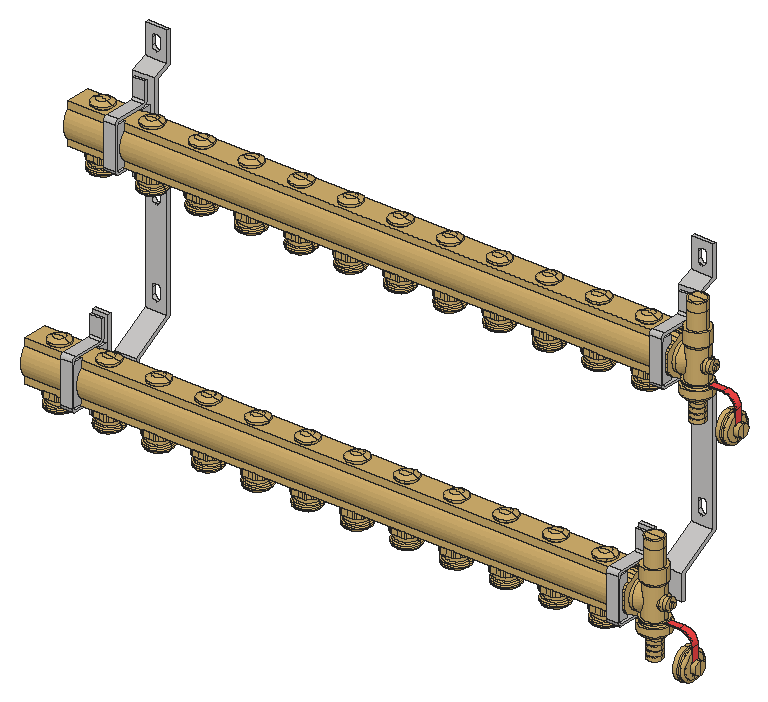
Revit family "Manifold FHF-B_2-12_RFA", category Pipe Accessories, Revit 2019
Family settings
  Round Connector Dimension = Use Diameter
  Part Type = Normal
  OmniClass Number = 23.65.55.14.17
  OmniClass Title = Adjusting/Controlling Valves for Liquid Services
  Work Plane-Based = No
  Always vertical = Yes
  Cut with Voids When Loaded = No
  Shared = No
Parameters (values of type "Manifold FHF-B_12+12_088U0552")
  z [instance] = Offset Z + 1000 mm  # 1213 mm
  y [instance] = Offset Y + 500 mm  # 523 mm
  x [instance] = Offset X + 1000 mm  # 1025 mm
  Offset Z [instance] = 213 mm
  Offset Y [instance] = 23 mm
  W = 36 mm  # constant formula
  Valve Body Material = Danfoss Brass
  URL = "https://store.danfoss.com/en/Climate-Solutions-for-heating/Hydronic-floor-heating/Manifolds/c/4213?q=%3Arelevance%3Adanfoss_producttypehierarchydesc%3A52ce84ad9743aaa892c0d447129817997d08b26b&text="
  Pressure Drop [instance] = 0.0 Pa
  Number of Circuits = 12
  Model Type = "Manifold FHF-B_12+12"
  Model = "088U0552"
  Max Working Temperature = "90 °C"  # constant formula
  Max Operating Pressure = "10 bar"  # constant formula
  Max Differential Pressure = "0.6 bar"  # constant formula
  Manufacturer = "Danfoss"  # constant formula
  Offset X [instance] = 25 mm
  Manual airvent [instance] = not(Automatic airvent)  # yes
  Length = L1 - 11 mm  # 600 mm
  LOD 350 = not(LOD 200)  # yes
  LOD 200 = no
  L1 = 611 mm
  L bracket = Number of Circuits * 50 mm - 50 mm  # 550 mm
  L = Length + 70 mm  # 670 mm
  IfcExportType = "FHF-B"  # constant formula
  IfcExportAs = "IfcValveType"  # constant formula
  H2 = 38 mm  # constant formula
  H1 = 26.8 mm  # constant formula
  H [instance] = z - 1000 mm + H2 + H1  # 277.8 mm
  Flow 9 [instance] = 0.0 m³/h
  Flow 8 [instance] = 0.0 m³/h
  Flow 7 [instance] = 0.0 m³/h
  Flow 6 [instance] = 0.0 m³/h
  Flow 5 [instance] = 0.0 m³/h
  Flow 4 [instance] = 0.0 m³/h
  Flow 3 [instance] = 0.0 m³/h
  Flow 2 [instance] = 0.0 m³/h
  Flow 12 [instance] = 0.0 m³/h
  Flow 11 [instance] = 0.0 m³/h
  Flow 10 [instance] = 0.0 m³/h
  Flow 1 [instance] = 0.0 m³/h
  Flow [instance] = Flow 1 + Flow 2 + Flow 3 + Flow 4 + Flow 5 + Flow 6 + Flow 7 + Flow 8 + Flow 9 + Flow 10 + Flow 11 + Flow 12  # 0.0 m³/h
  088U0786 = _FHF-EA_EM : FHF-EM_088U0786
  088U0785 = _FHF-EA_EM : FHF-EA_088U0785
  End piece [instance] = if(Automatic airvent, [088U0785], [088U0786])  # _FHF-EA_EM : FHF-EM_088U0786
  Description = "Brass Manifold"  # constant formula
  D = 25 mm  # constant formula
  Automatic airvent [instance] = no
  Add bracket [instance] = yes
Reference planes
  plane 1 "Center (Front/Back)": y = 0
  plane 2: z = 0
  plane 3 "Center (Left/Right)": x = 0
  plane 4 "tube2": through (-27.999, -48.497, 1200) normal (0.9272, -0.3746, 0)
  plane 5: x = 600
  plane 6: z = -213
  plane 7: x = -25
  plane 8: x = 611
  plane 9: x = 25
  plane 10 "bottom manifold": y = -23
  plane 11: x = 575
  plane 12: x = 586
  plane 13: x = 0
  plane 14: x = 680.487
  plane 15 "H1": z = 26.8
  plane 16: z = -251
  plane 17: x = 670
  plane 18: z = -251
  plane 19: y = -18
  plane 20: y = 18
  plane 21: z = -251
  plane 22: x = 1000
  plane 23: y = 500
  plane 24: z = 1000
Forms (mm)
  Sweep 1, solid, material "Danfoss Brass" <- "Valve Body Material", visible <- "LOD 350", detail levels fine
    path origin (0, 0, 0) x (1, 0, 0) y (0, 0, 1)
      loop
        line (0, 0) -> (600, 0)
    profile origin (300, 0, 0) x (0, 0, 1) y (0, -1, 0)
      loop
        arc (-13.388, -12.476) -> (0, -18.3) -> (13.388, -12.476) r 18.3
        line (13.388, -12.476) -> (20.5, -12.476) -> (20.5, 12.476) -> (13.388, 12.476)
        arc (13.388, 12.476) -> (0, 18.3) -> (-13.388, 12.476) r 18.3
        line (-13.388, 12.476) -> (-20.5, 12.476) -> (-20.5, -12.476) -> (-13.388, -12.476)
  Sweep 2, solid, material "Danfoss Brass" <- "Valve Body Material", visible <- "LOD 350", detail levels fine
    path origin (-50, -23, 0) x (0, 0, 1) y (-1, 0, 0)
      loop
        line (-213, -25) -> (-213, -625)
    profile origin (275, -23, -213) x (0, 0, 1) y (0, -1, 0)
      loop
        arc (-13.388, -12.476) -> (0, -18.3) -> (13.388, -12.476) r 18.3
        line (13.388, -12.476) -> (20.5, -12.476) -> (20.5, 12.476) -> (13.388, 12.476)
        arc (13.388, 12.476) -> (0, 18.3) -> (-13.388, 12.476) r 18.3
        line (-13.388, 12.476) -> (-20.5, 12.476) -> (-20.5, -12.476) -> (-13.388, -12.476)
  Sweep 3, solid, material "Danfoss Brass" <- "Valve Body Material", visible <- "LOD 200", detail levels fine
    path origin (0, 0, 0) x (1, 0, 0) y (0, 0, 1)
      loop
        line (0, 0) -> (600, 0)
    profile origin (300, 0, 0) x (0, 0, 1) y (0, -1, 0)
      loop
        line (-20.5, -18.3) -> (20.5, -18.3) -> (20.5, 18.3) -> (-20.5, 18.3) -> (-20.5, -18.3)
  Sweep 4, solid, material "Danfoss Brass" <- "Valve Body Material", visible <- "LOD 200", detail levels fine
    path origin (-50, -23, 0) x (0, 0, 1) y (-1, 0, 0)
      loop
        line (-213, -25) -> (-213, -625)
    profile origin (275, -23, -213) x (0, 0, 1) y (0, -1, 0)
      loop
        line (-20.5, -18.3) -> (20.5, -18.3) -> (20.5, 18.3) -> (-20.5, 18.3) -> (-20.5, -18.3)
Dimensions and locks
  "L1": plane 8 to plane 3 "Center (Left/Right)"
  locked: plane 8 to plane 5 at 11
  level to plane 6 = 213 mm
  locked: plane 9 to plane 3 "Center (Left/Right)" at 25
  equal spacing: group 1, group 2, group 5, group 6, group 7, group 8, group 9, group 10, group 11, group 12, group 13, group 14  (x3)
  locked: plane 12 to plane 11 at 11
  "L1": plane 12 to plane 7
  locked: plane 13 to plane 7 at 25
  equal spacing: group 3, group 4, group 15, group 16, group 17, group 18, group 19, group 20, group 21, group 22, group 23, group 24  (x3)
  locked: nested 5 to plane 13 at 50
  plane 14 to plane 5 = 80.487 mm
  "H1": plane 15 "H1" to level
  "H2": plane 6 to plane 16
  "L": plane 17 to plane 3 "Center (Left/Right)"
  equal spacing: plane 19, plane 1 "Center (Front/Back)", plane 20
  "W": plane 19 to plane 20
  locked: plane 5 to nested 7 at 10
  locked: plane 11 to nested 6 at 10
  "x": plane 22 to plane 7
  "y": plane 10 "bottom manifold" to plane 23
  "z": plane 24 to plane 6
  nested 8 to nested 4 = 50 mm
  aligned and locked: level to plane 2
  aligned and locked: plane 9 to nested 1
  aligned and locked: level to nested 1
  aligned and locked: plane 5 to Sweep 1 sketch curve
  aligned and locked: Sweep 1 sketch curve to level
  aligned and locked: plane 3 "Center (Left/Right)" to Sweep 1 sketch curve
  aligned and locked: level to nested 2
  aligned and locked: plane 6 to nested 3
  aligned and locked: plane 13 to nested 3
  aligned and locked: plane 10 "bottom manifold" to nested 3
  aligned and locked: plane 10 "bottom manifold" to nested 6
  aligned and locked: plane 1 "Center (Front/Back)" to nested 7
  aligned and locked: plane 6 to nested 6
  aligned and locked: level to nested 7
  aligned and locked: plane 10 "bottom manifold" to nested 5
  aligned and locked: plane 6 to nested 5
Automatic sketch dimensions
  Sweep 1 sketch curve to Sweep 1 sketch curve = 0 mm  (x2)
  Sweep 1 sketch curve to profile plane = 0 mm
  profile plane to Sweep 1 sketch curve = 13.388 mm  (x2)
  Sweep 1 sketch curve to Sweep 1 sketch curve = 7.112 mm  (x2)
  Sweep 1 sketch curve to profile plane = 13.388 mm  (x2)
  Sweep 1 sketch curve to profile plane = 12.476 mm
  Sweep 1 sketch curve to Sweep 1 sketch curve = 12.476 mm  (x2)
  Sweep 2 sketch curve to plane 6 = 0 mm
  Sweep 2 sketch curve to plane 11 = 0 mm
  Sweep 2 sketch curve to plane 7 = 0 mm
  Sweep 2 sketch curve to Sweep 2 sketch curve = 0 mm  (x2)
  plane 10 "bottom manifold" to Sweep 2 sketch curve = 12.476 mm
  profile plane to Sweep 2 sketch curve = 20.5 mm
  Sweep 2 sketch curve to Sweep 2 sketch curve = 7.112 mm  (x3)
  Sweep 2 sketch curve to Sweep 2 sketch curve = 13.388 mm  (x3)
  Sweep 2 sketch curve to Sweep 2 sketch curve = 12.476 mm  (x2)
  Sweep 3 sketch curve to level = 0 mm
  Sweep 3 sketch curve to plane 3 "Center (Left/Right)" = 0 mm
  Sweep 3 sketch curve to plane 5 = 0 mm
  profile plane to Sweep 3 sketch curve = 20.5 mm
  Sweep 3 sketch curve to profile plane = 20.5 mm
  Sweep 3 sketch curve to plane 1 "Center (Front/Back)" = 18.3 mm
  plane 1 "Center (Front/Back)" to Sweep 3 sketch curve = 18.3 mm
  Sweep 4 sketch curve to plane 6 = 0 mm
  Sweep 4 sketch curve to plane 11 = 0 mm
  Sweep 4 sketch curve to plane 7 = 0 mm
  profile plane to Sweep 4 sketch curve = 20.5 mm
  Sweep 4 sketch curve to profile plane = 20.5 mm
  Sweep 4 sketch curve to plane 10 "bottom manifold" = 18.3 mm
  plane 10 "bottom manifold" to Sweep 4 sketch curve = 18.3 mm
Nested families
  nested 1: "Shut-off valve_RFA" at (25, 0, 0), LOD 200 <- "LOD 200", type "Shut-off valve", detail levels fine
    with LOD 350 yes, LOD 200 no
  nested 2: "Shut-off valve_RFA" at (75, 0, 0), LOD 200 <- "LOD 200", type "Shut-off valve", detail levels fine
    with LOD 350 yes, LOD 200 no
  nested 3: "Shut-off valve_RFA" at (0, -23, -213), LOD 200 <- "LOD 200", type "Shut-off valve", detail levels fine
    with LOD 350 yes, LOD 200 no
  nested 4: "FHF-B Symbol" at (0, 0, 0), x <- "Offset Y", length <- "Length", Number of Circuits <- "Number of Circuits", z <- "Offset X", Offset X <- "Offset X", Offset Y <- "Offset Y", Offset Z <- "Offset Z", type "FHF-B Symbol", detail levels coarse+medium
    with z 1213 mm, y 523 mm, x 1025 mm, length 600 mm, Offset Z 213 mm, Offset Y 23 mm, Offset X 25 mm, Number of Circuits 12, L 650 mm
  nested 5: "Shut-off valve_RFA" at (50, -23, -213), LOD 200 <- "LOD 200", type "Shut-off valve", detail levels fine
    with LOD 350 yes, LOD 200 no
  nested 6: "_FHF-EA_EM" at (565, -23, -213), type <- "End piece", type "FHF-EM_088U0786", detail levels fine
    with LOD 350 yes, LOD 200 no, FHF-EM350 yes, FHF-EM200 no, FHF-EA350 no, FHF-EA200 no
  nested 7: "_FHF-EA_EM" at (590, 0, 0), type <- "End piece", LOD 200 <- "LOD 200", type "FHF-EM_088U0786", detail levels fine
    with LOD 350 yes, LOD 200 no, FHF-EM350 yes, FHF-EM200 no, FHF-EA350 no, FHF-EA200 no
  nested 8: "_FHF-MB_RFA" at (41.303, 0, 0), LOD 200 <- "LOD 200", visible <- "Add bracket", L <- "L bracket", type "FHF-MB_088U0585", detail levels fine
    with LOD 350 yes, LOD 200 no, L 550 mm
  nested 9: "Shut-off valve_RFA" at (125, 0, 0), LOD 200 <- "LOD 200", type "Shut-off valve", detail levels fine
    with LOD 350 yes, LOD 200 no
  nested 10: "Shut-off valve_RFA" at (175, 0, 0), LOD 200 <- "LOD 200", type "Shut-off valve", detail levels fine
    with LOD 350 yes, LOD 200 no
  nested 11: "Shut-off valve_RFA" at (225, 0, 0), LOD 200 <- "LOD 200", type "Shut-off valve", detail levels fine
    with LOD 350 yes, LOD 200 no
  nested 12: "Shut-off valve_RFA" at (275, 0, 0), LOD 200 <- "LOD 200", type "Shut-off valve", detail levels fine
    with LOD 350 yes, LOD 200 no
  nested 13: "Shut-off valve_RFA" at (325, 0, 0), LOD 200 <- "LOD 200", type "Shut-off valve", detail levels fine
    with LOD 350 yes, LOD 200 no
  nested 14: "Shut-off valve_RFA" at (375, 0, 0), LOD 200 <- "LOD 200", type "Shut-off valve", detail levels fine
    with LOD 350 yes, LOD 200 no
  nested 15: "Shut-off valve_RFA" at (425, 0, 0), LOD 200 <- "LOD 200", type "Shut-off valve", detail levels fine
    with LOD 350 yes, LOD 200 no
  nested 16: "Shut-off valve_RFA" at (475, 0, 0), LOD 200 <- "LOD 200", type "Shut-off valve", detail levels fine
    with LOD 350 yes, LOD 200 no
  nested 17: "Shut-off valve_RFA" at (525, 0, 0), LOD 200 <- "LOD 200", type "Shut-off valve", detail levels fine
    with LOD 350 yes, LOD 200 no
  nested 18: "Shut-off valve_RFA" at (575, 0, 0), LOD 200 <- "LOD 200", type "Shut-off valve", detail levels fine
    with LOD 350 yes, LOD 200 no
  nested 19: "Shut-off valve_RFA" at (100, -23, -213), LOD 200 <- "LOD 200", type "Shut-off valve", detail levels fine
    with LOD 350 yes, LOD 200 no
  nested 20: "Shut-off valve_RFA" at (150, -23, -213), LOD 200 <- "LOD 200", type "Shut-off valve", detail levels fine
    with LOD 350 yes, LOD 200 no
  nested 21: "Shut-off valve_RFA" at (200, -23, -213), LOD 200 <- "LOD 200", type "Shut-off valve", detail levels fine
    with LOD 350 yes, LOD 200 no
  nested 22: "Shut-off valve_RFA" at (250, -23, -213), LOD 200 <- "LOD 200", type "Shut-off valve", detail levels fine
    with LOD 350 yes, LOD 200 no
  nested 23: "Shut-off valve_RFA" at (300, -23, -213), LOD 200 <- "LOD 200", type "Shut-off valve", detail levels fine
    with LOD 350 yes, LOD 200 no
  nested 24: "Shut-off valve_RFA" at (350, -23, -213), LOD 200 <- "LOD 200", type "Shut-off valve", detail levels fine
    with LOD 350 yes, LOD 200 no
  nested 25: "Shut-off valve_RFA" at (400, -23, -213), LOD 200 <- "LOD 200", type "Shut-off valve", detail levels fine
    with LOD 350 yes, LOD 200 no
  nested 26: "Shut-off valve_RFA" at (450, -23, -213), LOD 200 <- "LOD 200", type "Shut-off valve", detail levels fine
    with LOD 350 yes, LOD 200 no
  nested 27: "Shut-off valve_RFA" at (500, -23, -213), LOD 200 <- "LOD 200", type "Shut-off valve", detail levels fine
    with LOD 350 yes, LOD 200 no
  nested 28: "Shut-off valve_RFA" at (550, -23, -213), LOD 200 <- "LOD 200", type "Shut-off valve", detail levels fine
    with LOD 350 yes, LOD 200 no
Connectors
  piping at (0, 0, 0), diameter 25, driven by "D", driven by "Flow"
    settings: on Sweep 1, index 35, connector inside diameter 609.6 mm, connector length 0 mm, flow factor 0, pipe flow 0.0 m³/h, pressure drop 0.0 Pa, fitting loss kfactor 0, connector angle 0.00°, fixture units 0, engagement length 0 mm, angle of deflection 0.00°, flow configuration 1, flow direction 0, fitting loss method 0, system type 29, joint type 0, gender type 0, connector reference index -1, connector utility 0, adjustable connector no, is connector primary yes, connector description "SupplyMain"
  piping at (-25, -23, -213), diameter 25, driven by "D", driven by "Flow"
    settings: on Sweep 2, index 36, connector inside diameter 609.6 mm, connector length 0 mm, flow factor 0, pipe flow 0.0 m³/h, pressure drop 0.0 Pa, fitting loss kfactor 0, connector angle 0.00°, fixture units 0, engagement length 0 mm, angle of deflection 0.00°, flow configuration 1, flow direction 0, fitting loss method 0, system type 29, joint type 0, gender type 0, connector reference index -1, connector utility 0, adjustable connector no, is connector primary no, connector description "ReturnMain"
  piping at (25, 0, -38), diameter 20, driven by "Flow 1"
    settings: on nested 1, index 37, connector inside diameter 609.6 mm, connector length 0 mm, flow factor 0, pipe flow 0.0 m³/h, pressure drop 0.0 Pa, fitting loss kfactor 0, connector angle 0.00°, fixture units 0, engagement length 0 mm, angle of deflection 0.00°, flow configuration 0, flow direction 0, fitting loss method 0, system type 29, joint type 0, gender type 0, connector reference index -1, connector utility 0, adjustable connector no, is connector primary no, connector description "Supply1"
  piping at (75, 0, -38), diameter 20, driven by "Flow 2"
    settings: on nested 2, index 38, connector inside diameter 609.6 mm, connector length 0 mm, flow factor 0, pipe flow 0.0 m³/h, pressure drop 0.0 Pa, fitting loss kfactor 0, connector angle 0.00°, fixture units 0, engagement length 0 mm, angle of deflection 0.00°, flow configuration 0, flow direction 0, fitting loss method 0, system type 29, joint type 0, gender type 0, connector reference index -1, connector utility 0, adjustable connector no, is connector primary no, connector description "Supply2"
  piping at (0, -23, -251), diameter 20, driven by "Flow 1"
    settings: on nested 3, index 49, connector inside diameter 609.6 mm, connector length 0 mm, flow factor 0, pipe flow 0.0 m³/h, pressure drop 0.0 Pa, fitting loss kfactor 0, connector angle 0.00°, fixture units 0, engagement length 0 mm, angle of deflection 0.00°, flow configuration 0, flow direction 0, fitting loss method 0, system type 29, joint type 0, gender type 0, connector reference index -1, connector utility 0, adjustable connector no, is connector primary no, connector description "Return1"
  piping at (50, -23, -251), diameter 20, driven by "Flow 2"
    settings: on nested 5, index 50, connector inside diameter 609.6 mm, connector length 0 mm, flow factor 0, pipe flow 0.0 m³/h, pressure drop 0.0 Pa, fitting loss kfactor 0, connector angle 0.00°, fixture units 0, engagement length 0 mm, angle of deflection 0.00°, flow configuration 0, flow direction 0, fitting loss method 0, system type 29, joint type 0, gender type 0, connector reference index -1, connector utility 0, adjustable connector no, is connector primary no, connector description "Return2"
  piping at (125, 0, -38), diameter 20, driven by "Flow 3"
    settings: on nested 9, index 51, connector inside diameter 609.6 mm, connector length 0 mm, flow factor 0, pipe flow 0.0 m³/h, pressure drop 0.0 Pa, fitting loss kfactor 0, connector angle 0.00°, fixture units 0, engagement length 0 mm, angle of deflection 0.00°, flow configuration 0, flow direction 0, fitting loss method 0, system type 29, joint type 0, gender type 0, connector reference index -1, connector utility 0, adjustable connector no, is connector primary no, connector description "Supply3"
  piping at (175, 0, -38), diameter 20, driven by "Flow 4"
    settings: on nested 10, index 52, connector inside diameter 609.6 mm, connector length 0 mm, flow factor 0, pipe flow 0.0 m³/h, pressure drop 0.0 Pa, fitting loss kfactor 0, connector angle 0.00°, fixture units 0, engagement length 0 mm, angle of deflection 0.00°, flow configuration 0, flow direction 0, fitting loss method 0, system type 29, joint type 0, gender type 0, connector reference index -1, connector utility 0, adjustable connector no, is connector primary no, connector description "Supply4"
  piping at (225, 0, -38), diameter 20, driven by "Flow 5"
    settings: on nested 11, index 53, connector inside diameter 609.6 mm, connector length 0 mm, flow factor 0, pipe flow 0.0 m³/h, pressure drop 0.0 Pa, fitting loss kfactor 0, connector angle 0.00°, fixture units 0, engagement length 0 mm, angle of deflection 0.00°, flow configuration 0, flow direction 0, fitting loss method 0, system type 29, joint type 0, gender type 0, connector reference index -1, connector utility 0, adjustable connector no, is connector primary no, connector description "Supply5"
  piping at (275, 0, -38), diameter 20, driven by "Flow 6"
    settings: on nested 12, index 54, connector inside diameter 609.6 mm, connector length 0 mm, flow factor 0, pipe flow 0.0 m³/h, pressure drop 0.0 Pa, fitting loss kfactor 0, connector angle 0.00°, fixture units 0, engagement length 0 mm, angle of deflection 0.00°, flow configuration 0, flow direction 0, fitting loss method 0, system type 29, joint type 0, gender type 0, connector reference index -1, connector utility 0, adjustable connector no, is connector primary no, connector description "Supply6"
  piping at (325, 0, -38), diameter 20, driven by "Flow 7"
    settings: on nested 13, index 55, connector inside diameter 609.6 mm, connector length 0 mm, flow factor 0, pipe flow 0.0 m³/h, pressure drop 0.0 Pa, fitting loss kfactor 0, connector angle 0.00°, fixture units 0, engagement length 0 mm, angle of deflection 0.00°, flow configuration 0, flow direction 0, fitting loss method 0, system type 29, joint type 0, gender type 0, connector reference index -1, connector utility 0, adjustable connector no, is connector primary no, connector description "Supply7"
  piping at (375, 0, -38), diameter 20, driven by "Flow 8"
    settings: on nested 14, index 56, connector inside diameter 609.6 mm, connector length 0 mm, flow factor 0, pipe flow 0.0 m³/h, pressure drop 0.0 Pa, fitting loss kfactor 0, connector angle 0.00°, fixture units 0, engagement length 0 mm, angle of deflection 0.00°, flow configuration 0, flow direction 0, fitting loss method 0, system type 29, joint type 0, gender type 0, connector reference index -1, connector utility 0, adjustable connector no, is connector primary no, connector description "Supply8"
  piping at (425, 0, -38), diameter 20, driven by "Flow 9"
    settings: on nested 15, index 57, connector inside diameter 609.6 mm, connector length 0 mm, flow factor 0, pipe flow 0.0 m³/h, pressure drop 0.0 Pa, fitting loss kfactor 0, connector angle 0.00°, fixture units 0, engagement length 0 mm, angle of deflection 0.00°, flow configuration 0, flow direction 0, fitting loss method 0, system type 29, joint type 0, gender type 0, connector reference index -1, connector utility 0, adjustable connector no, is connector primary no, connector description "Supply9"
  piping at (475, 0, -38), diameter 20, driven by "Flow 10"
    settings: on nested 16, index 58, connector inside diameter 609.6 mm, connector length 0 mm, flow factor 0, pipe flow 0.0 m³/h, pressure drop 0.0 Pa, fitting loss kfactor 0, connector angle 0.00°, fixture units 0, engagement length 0 mm, angle of deflection 0.00°, flow configuration 0, flow direction 0, fitting loss method 0, system type 29, joint type 0, gender type 0, connector reference index -1, connector utility 0, adjustable connector no, is connector primary no, connector description "Supply10"
  piping at (525, 0, -38), diameter 20, driven by "Flow 11"
    settings: on nested 17, index 59, connector inside diameter 609.6 mm, connector length 0 mm, flow factor 0, pipe flow 0.0 m³/h, pressure drop 0.0 Pa, fitting loss kfactor 0, connector angle 0.00°, fixture units 0, engagement length 0 mm, angle of deflection 0.00°, flow configuration 0, flow direction 0, fitting loss method 0, system type 29, joint type 0, gender type 0, connector reference index -1, connector utility 0, adjustable connector no, is connector primary no, connector description "Supply11"
  piping at (575, 0, -38), diameter 20, driven by "Flow 12"
    settings: on nested 18, index 60, connector inside diameter 609.6 mm, connector length 0 mm, flow factor 0, pipe flow 0.0 m³/h, pressure drop 0.0 Pa, fitting loss kfactor 0, connector angle 0.00°, fixture units 0, engagement length 0 mm, angle of deflection 0.00°, flow configuration 0, flow direction 0, fitting loss method 0, system type 29, joint type 0, gender type 0, connector reference index -1, connector utility 0, adjustable connector no, is connector primary no, connector description "Supply12"
  piping at (550, -23, -251), diameter 20, driven by "Flow 12"
    settings: on nested 28, index 61, connector inside diameter 609.6 mm, connector length 0 mm, flow factor 0, pipe flow 0.0 m³/h, pressure drop 0.0 Pa, fitting loss kfactor 0, connector angle 0.00°, fixture units 0, engagement length 0 mm, angle of deflection 0.00°, flow configuration 0, flow direction 0, fitting loss method 0, system type 29, joint type 0, gender type 0, connector reference index -1, connector utility 0, adjustable connector no, is connector primary no, connector description "Return12"
  piping at (500, -23, -251), diameter 20, driven by "Flow 11"
    settings: on nested 27, index 62, connector inside diameter 609.6 mm, connector length 0 mm, flow factor 0, pipe flow 0.0 m³/h, pressure drop 0.0 Pa, fitting loss kfactor 0, connector angle 0.00°, fixture units 0, engagement length 0 mm, angle of deflection 0.00°, flow configuration 0, flow direction 0, fitting loss method 0, system type 29, joint type 0, gender type 0, connector reference index -1, connector utility 0, adjustable connector no, is connector primary no, connector description "Return11"
  piping at (450, -23, -251), diameter 20, driven by "Flow 10"
    settings: on nested 26, index 63, connector inside diameter 609.6 mm, connector length 0 mm, flow factor 0, pipe flow 0.0 m³/h, pressure drop 0.0 Pa, fitting loss kfactor 0, connector angle 0.00°, fixture units 0, engagement length 0 mm, angle of deflection 0.00°, flow configuration 0, flow direction 0, fitting loss method 0, system type 29, joint type 0, gender type 0, connector reference index -1, connector utility 0, adjustable connector no, is connector primary no, connector description "Return10"
  piping at (400, -23, -251), diameter 20, driven by "Flow 9"
    settings: on nested 25, index 64, connector inside diameter 609.6 mm, connector length 0 mm, flow factor 0, pipe flow 0.0 m³/h, pressure drop 0.0 Pa, fitting loss kfactor 0, connector angle 0.00°, fixture units 0, engagement length 0 mm, angle of deflection 0.00°, flow configuration 0, flow direction 0, fitting loss method 0, system type 29, joint type 0, gender type 0, connector reference index -1, connector utility 0, adjustable connector no, is connector primary no, connector description "Return9"
  piping at (350, -23, -251), diameter 20, driven by "Flow 8"
    settings: on nested 24, index 65, connector inside diameter 609.6 mm, connector length 0 mm, flow factor 0, pipe flow 0.0 m³/h, pressure drop 0.0 Pa, fitting loss kfactor 0, connector angle 0.00°, fixture units 0, engagement length 0 mm, angle of deflection 0.00°, flow configuration 0, flow direction 0, fitting loss method 0, system type 29, joint type 0, gender type 0, connector reference index -1, connector utility 0, adjustable connector no, is connector primary no, connector description "Return8"
  piping at (300, -23, -251), diameter 20, driven by "Flow 7"
    settings: on nested 23, index 66, connector inside diameter 609.6 mm, connector length 0 mm, flow factor 0, pipe flow 0.0 m³/h, pressure drop 0.0 Pa, fitting loss kfactor 0, connector angle 0.00°, fixture units 0, engagement length 0 mm, angle of deflection 0.00°, flow configuration 0, flow direction 0, fitting loss method 0, system type 29, joint type 0, gender type 0, connector reference index -1, connector utility 0, adjustable connector no, is connector primary no, connector description "Return7"
  piping at (250, -23, -251), diameter 20, driven by "Flow 6"
    settings: on nested 22, index 67, connector inside diameter 609.6 mm, connector length 0 mm, flow factor 0, pipe flow 0.0 m³/h, pressure drop 0.0 Pa, fitting loss kfactor 0, connector angle 0.00°, fixture units 0, engagement length 0 mm, angle of deflection 0.00°, flow configuration 0, flow direction 0, fitting loss method 0, system type 29, joint type 0, gender type 0, connector reference index -1, connector utility 0, adjustable connector no, is connector primary no, connector description "Return6"
  piping at (200, -23, -251), diameter 20, driven by "Flow 5"
    settings: on nested 21, index 68, connector inside diameter 609.6 mm, connector length 0 mm, flow factor 0, pipe flow 0.0 m³/h, pressure drop 0.0 Pa, fitting loss kfactor 0, connector angle 0.00°, fixture units 0, engagement length 0 mm, angle of deflection 0.00°, flow configuration 0, flow direction 0, fitting loss method 0, system type 29, joint type 0, gender type 0, connector reference index -1, connector utility 0, adjustable connector no, is connector primary no, connector description "Return5"
  piping at (150, -23, -251), diameter 20, driven by "Flow 4"
    settings: on nested 20, index 69, connector inside diameter 609.6 mm, connector length 0 mm, flow factor 0, pipe flow 0.0 m³/h, pressure drop 0.0 Pa, fitting loss kfactor 0, connector angle 0.00°, fixture units 0, engagement length 0 mm, angle of deflection 0.00°, flow configuration 0, flow direction 0, fitting loss method 0, system type 29, joint type 0, gender type 0, connector reference index -1, connector utility 0, adjustable connector no, is connector primary no, connector description "Return4"
  piping at (100, -23, -251), diameter 20, driven by "Flow 3"
    settings: on nested 19, index 70, connector inside diameter 609.6 mm, connector length 0 mm, flow factor 0, pipe flow 0.0 m³/h, pressure drop 0.0 Pa, fitting loss kfactor 0, connector angle 0.00°, fixture units 0, engagement length 0 mm, angle of deflection 0.00°, flow configuration 0, flow direction 0, fitting loss method 0, system type 29, joint type 0, gender type 0, connector reference index -1, connector utility 0, adjustable connector no, is connector primary no, connector description "Return3"
  piping at (50, -23, -251), diameter 20, driven by "Flow 2"
    settings: on nested 5, index 71, connector inside diameter 609.6 mm, connector length 0 mm, flow factor 0, pipe flow 0.0 m³/h, pressure drop 0.0 Pa, fitting loss kfactor 0, connector angle 0.00°, fixture units 0, engagement length 0 mm, angle of deflection 0.00°, flow configuration 0, flow direction 0, fitting loss method 0, system type 29, joint type 0, gender type 0, connector reference index -1, connector utility 0, adjustable connector no, is connector primary no, connector description "Return2"
  piping at (0, -23, -251), diameter 20, driven by "Flow 1"
    settings: on nested 3, index 72, connector inside diameter 609.6 mm, connector length 0 mm, flow factor 0, pipe flow 0.0 m³/h, pressure drop 0.0 Pa, fitting loss kfactor 0, connector angle 0.00°, fixture units 0, engagement length 0 mm, angle of deflection 0.00°, flow configuration 0, flow direction 0, fitting loss method 0, system type 29, joint type 0, gender type 0, connector reference index -1, connector utility 0, adjustable connector no, is connector primary no, connector description "Return1"
Definition of nested family "Shut-off valve_RFA"
  Parameters (values of type "Shut-off valve")
    W = 26 mm
    Valve Body Material = none
    LOD 350 [instance] = not(LOD 200)  # no
    LOD 200 [instance] = yes
    L = 28.004 mm
    IfcExportType = "SSM, FHF"  # constant formula
    IfcExportAs = "IfcValveType"  # constant formula
    H = 64.778 mm
  Reference planes
    plane 1 "Center (Front/Back)": y = 0
    plane 2: z = 0
    plane 3 "Center (Left/Right)": x = 0
    plane 4: z = 26.778
    plane 5: z = -38
    plane 6: x = -14.002
    plane 7: x = 14.002
    plane 8: y = -13
    plane 9: y = 13
  Forms (mm)
    Revolve 1, solid, material <- "Valve Body Material", visible <- "LOD 350"
      sketch origin (0, 0, 0) x (1, 0, 0) y (0, 0, 1)
        loop
          line (-5.493, 25.92) -> (-10.502, 23.407) -> (-10.502, 21.897) -> (-8.588, 21.201) -> (-8.588, 20.277) -> (-0.002, 20.277) -> (-0.002, 26.778) -> (-5.493, 25.92)
        axis (-0.002, 26.778) -> (-0.002, 20.277)
      angle from 0 to 360
    Revolve 2, solid, material <- "Valve Body Material", visible <- "LOD 350"
      sketch origin (0, 0, 0) x (1, 0, 0) y (0, 0, 1)
        loop
          line (-11.441, -26.439) -> (-11.002, -27.5) -> (-11.002, -30.852) -> (-11.844, -32.311) -> (-13.369, -33.169) -> (-11.682, -34.1) -> (-13.394, -34.965) -> (-11.771, -35.861) -> (-13.103, -36.619) -> (-11.722, -38) -> (0, -38) -> (0, -26) -> (-12.502, -26) -> (-11.441, -26.439)
        axis (0, -26) -> (0, -38)
      angle from 0 to 360
    Extrusion 3, solid, material <- "Valve Body Material", visible <- "LOD 350"
      sketch origin (0, 0, 0) x (1, 0, 0) y (0, 1, 0)
        loop
          line (-7.002, -12.124) -> (-5.249, -13) -> (-0.1, -13) -> (5.245, -13) -> (6.998, -12.124) -> (8.409, -11.192) -> (11.192, -8.409) -> (12.124, -6.998) -> (13, -5.245) -> (13, 0.1) -> (13, 5.249) -> (12.124, 7.002) -> (11.2, 8.401) -> (8.409, 11.192) -> (6.998, 12.124) -> (5.245, 13) -> (-0.1, 13) -> (-5.249, 13) -> (-7.002, 12.124) -> (-8.413, 11.192) -> (-11.192, 8.413) -> (-12.124, 7.002) -> (-13, 5.249) -> (-13, 0.1) -> (-13, -5.245) -> (-12.124, -6.998) -> (-11.184, -8.421) -> (-8.413, -11.192) -> (-7.002, -12.124)
      from -26 to -20
    Revolve 4, solid, material <- "Valve Body Material", visible <- "LOD 200"
      sketch origin (0, 0, 0) x (1, 0, 0) y (0, 0, 1)
        loop
          line (0, 26.778) -> (0, 20.277) -> (10.539, 20.277) -> (10.539, 23.448)
          arc (10.539, 23.448) -> (5.521, 25.909) -> (0, 26.778) r 18.698
        axis (0, 26.778) -> (0, 20.277)
      angle from 0 to 360
    Revolve 5, solid, material <- "Valve Body Material", visible <- "LOD 200"
      sketch origin (0, 0, 0) x (1, 0, 0) y (0, 0, 1)
        loop
          line (-0.1, -38) -> (-0.1, -20) -> (-13, -20) -> (-13, -38) -> (-0.1, -38)
        axis (-0.1, -20) -> (-0.1, -38)
      angle from 0 to 360
  Dimensions and locks
    "H": plane 4 to plane 5
    equal spacing: plane 7, plane 3 "Center (Left/Right)", plane 6
    "L": plane 7 to plane 6
    equal spacing: plane 8, plane 1 "Center (Front/Back)", plane 9
    "W": plane 8 to plane 9
    aligned and locked: level to plane 2
  Automatic sketch dimensions
    plane 4 to Revolve 1 sketch curve = 3.371 mm
    Revolve 1 sketch curve to plane 3 "Center (Left/Right)" = 10.502 mm
    Revolve 1 sketch curve to Revolve 1 sketch curve = 1.914 mm
    plane 4 to Revolve 1 sketch curve = 0.858 mm
    Revolve 1 sketch curve to plane 3 "Center (Left/Right)" = 5.493 mm
    plane 4 to Revolve 1 sketch curve = 0 mm
    Revolve 1 sketch curve to plane 3 "Center (Left/Right)" = 0.002 mm
    Revolve 1 sketch curve to Revolve 1 sketch curve = 1.509 mm
    Revolve 1 sketch curve to Revolve 1 sketch curve = 0.697 mm
    Revolve 1 sketch curve to Revolve 1 sketch curve = 6.501 mm
    Revolve 1 sketch curve to Revolve 1 sketch curve = 0 mm  (x3)
    Revolve 2 sketch curve to plane 5 = 0 mm  (x2)
    Revolve 2 sketch curve to plane 3 "Center (Left/Right)" = 0 mm  (x2)
    Revolve 2 sketch curve to plane 3 "Center (Left/Right)" = 11.002 mm
    Revolve 2 sketch curve to Revolve 2 sketch curve = 0.439 mm  (x2)
    Revolve 2 sketch curve to plane 5 = 3.9 mm
    Revolve 2 sketch curve to Revolve 2 sketch curve = 0.68 mm
    Revolve 2 sketch curve to Revolve 2 sketch curve = 0.04 mm
    Revolve 2 sketch curve to plane 5 = 2.139 mm
    Revolve 2 sketch curve to Revolve 2 sketch curve = 0.089 mm
    Revolve 2 sketch curve to plane 5 = 5.689 mm
    Revolve 2 sketch curve to Revolve 2 sketch curve = 0.842 mm
    Revolve 2 sketch curve to Revolve 2 sketch curve = 1.061 mm  (x2)
    Revolve 2 sketch curve to plane 5 = 1.381 mm
    Revolve 2 sketch curve to Revolve 2 sketch curve = 1.332 mm
    Revolve 2 sketch curve to plane 5 = 4.831 mm
    Revolve 2 sketch curve to Revolve 2 sketch curve = 1.525 mm
    Revolve 2 sketch curve to plane 5 = 3.035 mm
    Revolve 2 sketch curve to Revolve 2 sketch curve = 0.291 mm
    Revolve 2 sketch curve to Revolve 2 sketch curve = 1.459 mm
    Revolve 2 sketch curve to Revolve 2 sketch curve = 3.352 mm
    Revolve 2 sketch curve to Revolve 2 sketch curve = 0 mm
    plane 1 "Center (Front/Back)" to Extrusion 3 sketch curve = 5.245 mm  (x2)
    Extrusion 3 sketch curve to plane 3 "Center (Left/Right)" = 13 mm
    Extrusion 3 sketch curve to Extrusion 3 sketch curve = 0.876 mm  (x5)
    Extrusion 3 sketch curve to Extrusion 3 sketch curve = 0.933 mm  (x6)
    Extrusion 3 sketch curve to Extrusion 3 sketch curve = 0.941 mm
    Extrusion 3 sketch curve to Extrusion 3 sketch curve = 2.779 mm  (x2)
    Extrusion 3 sketch curve to Extrusion 3 sketch curve = 2.771 mm  (x2)
    Extrusion 3 sketch curve to Extrusion 3 sketch curve = 1.411 mm  (x6)
    Extrusion 3 sketch curve to Extrusion 3 sketch curve = 1.753 mm  (x8)
    Extrusion 3 sketch curve to plane 3 "Center (Left/Right)" = 0.1 mm  (x2)
    plane 3 "Center (Left/Right)" to Extrusion 3 sketch curve = 5.245 mm  (x2)
    Extrusion 3 sketch curve to Extrusion 3 sketch curve = 2.783 mm  (x2)
    Extrusion 3 sketch curve to Extrusion 3 sketch curve = 2.791 mm  (x2)
    Extrusion 3 sketch curve to Extrusion 3 sketch curve = 0.925 mm
    Extrusion 3 sketch curve to plane 1 "Center (Front/Back)" = 0.1 mm  (x2)
    Extrusion 3 sketch curve to Extrusion 3 sketch curve = 1.423 mm
    Extrusion 3 sketch curve to Extrusion 3 sketch curve = 5.149 mm  (x2)
    Extrusion 3 sketch curve to Extrusion 3 sketch curve = 1.399 mm
    Revolve 4 sketch curve to plane 3 "Center (Left/Right)" = 0 mm  (x2)
    Revolve 4 sketch curve to plane 4 = 0 mm  (x2)
    Revolve 4 sketch curve to plane 3 "Center (Left/Right)" = 0.112 mm
    Revolve 4 sketch curve to plane 7 = 3.463 mm
    plane 4 to Revolve 4 sketch curve = 6.501 mm
    level to Revolve 4 sketch curve = 8.08 mm
    Revolve 4 sketch curve to Revolve 4 sketch curve = 0 mm
    Revolve 5 sketch curve to plane 5 = 0 mm  (x2)
    plane 6 to Revolve 5 sketch curve = 1.002 mm
    Revolve 5 sketch curve to plane 3 "Center (Left/Right)" = 0.1 mm
    Revolve 5 sketch curve to plane 5 = 18 mm
    Revolve 5 sketch curve to Revolve 5 sketch curve = 0 mm  (x2)
Definition of nested family "_FHF-EA_EM"
  Parameters (values of type "FHF-EM_088U0786")
    W = 36 mm
    Valve Body Material = none
    URL = ""
    Type Comments = ""
    Model Type = "End section with manual airvent"
    Model = "088U0786"
    Manufacturer = "Danfoss"  # constant formula
    LOD 350 [instance] = not(LOD 200)  # yes
    LOD 200 [instance] = no
    L = 80.487 mm
    IfcExportType = "FHF-EM"
    IfcExportAs = "IfcValveType"  # constant formula
    H2 = 53.8 mm
    H1 = 75.7 mm
    H = H1 + H2  # 129.5 mm
    FHF-EM350 [instance] = if(and([FHF-EM], LOD 350), 1 = 1, 0 = 1)  # yes
    FHF-EM200 [instance] = if(and([FHF-EM], LOD 200), 1 = 1, 0 = 1)  # no
    FHF-EM = yes
    FHF-EA350 [instance] = if(and([FHF-EA], LOD 350), 1 = 1, 0 = 1)  # no
    FHF-EA200 [instance] = if(and([FHF-EA], LOD 200), 1 = 1, 0 = 1)  # no
    FHF-EA = no
    Description = "Accessories for Manifolds"  # constant formula
  Types (2, lengths in mm): name | Model Type | Model | IfcExportType | FHF-EM350 | FHF-EM | FHF-EA350 | FHF-EA
    FHF-EA_088U0785 | "End section with automatic airvent" | "088U0785" | "FHF-EA" | no | no | yes | yes
    FHF-EM_088U0786 | "End section with manual airvent" | "088U0786" | "FHF-EM" | yes | yes | no | no
  Reference planes
    plane 1 "Center (Front/Back)": y = 0
    plane 2: z = 0
    plane 3 "Center (Left/Right)": x = 0
    plane 4: y = -13
    plane 5: y = 13
    plane 6: x = 80.487
    plane 7: z = -53.8
    plane 8: z = 75.7
    plane 9: y = -18
    plane 10: y = 18
  Forms (mm)
    Revolve 1, solid, material <- "Valve Body Material", visible <- "FHF-EA350"
      sketch origin (0, 0, 0) x (1, 0, 0) y (0, 0, 1)
        loop
          line (0, 15.017) -> (0, 0) -> (11.487, 0) -> (11.487, 16.552) -> (10.034, 16.552) -> (7.976, 14.494) -> (7.24, 16.552) -> (1.535, 16.552) -> (0, 15.017)
        axis (0, 0) -> (11.487, 0)
      angle from 0 to 360
    Extrusion 2, solid, material <- "Valve Body Material", visible <- "FHF-EA350"
      sketch origin (0, 0, 0) x (0, 1, 0) y (0, 0, 1)
        loop
          line (-2.669, 19.821) -> (-5.971, 17.914) -> (-9.25, 16.021) -> (-12.529, 14.128) -> (-15.831, 12.222) -> (-17.321, 10) -> (-18.5, 7.599) -> (-18.5, 3.786) -> (-18.5, 0) -> (-18.5, -3.786) -> (-18.5, -7.599) -> (-17.95, -8.819) -> (-17.321, -10) -> (-16.613, -11.136) -> (-15.831, -12.222) -> (-12.529, -14.129) -> (-9.25, -16.021) -> (-5.971, -17.915) -> (-2.669, -19.821) -> (0, -20) -> (2.669, -19.821) -> (5.971, -17.915) -> (9.25, -16.021) -> (12.529, -14.129) -> (15.831, -12.222) -> (16.613, -11.136) -> (17.321, -10) -> (17.95, -8.819) -> (18.5, -7.599) -> (18.5, -3.786) -> (18.5, 0) -> (18.5, 3.786) -> (18.5, 7.599) -> (17.321, 10) -> (15.831, 12.222) -> (12.529, 14.128) -> (9.25, 16.021) -> (5.971, 17.914) -> (2.669, 19.821) -> (0, 20) -> (-2.669, 19.821)
      from 11.487 to 19.487
    Revolve 3, solid, material <- "Valve Body Material", visible <- "FHF-EA350"
      sketch origin (0, 0, 0) x (1, 0, 0) y (0, 0, 1)
        loop
          line (34.487, -53.8) -> (34.487, 75.7) -> (20.556, 75.7) -> (19.056, 74.2) -> (19.056, 65.662) -> (15.987, 63.7) -> (15.987, 58.62) -> (16.456, 57.7) -> (17.958, 57.7) -> (19.056, 57.188) -> (19.056, 31.226) -> (22.284, 31.226) -> (22.284, 17.96) -> (23.815, 15.773) -> (23.815, -16.3) -> (20.987, -16.3) -> (20.987, -17.3) -> (23.632, -17.3) -> (23.632, -18.82) -> (22.157, -20.295) -> (19.515, -20.295) -> (19.515, -27.281) -> (22.534, -30.3) -> (26.842, -30.3) -> (27.094, -35.103) -> (27.482, -38.797) -> (27.272, -39.877) -> (27.48, -43.835) -> (27.281, -44.86) -> (27.488, -48.827) -> (27.176, -49.734) -> (27.176, -53.35) -> (28.237, -53.8) -> (34.487, -53.8)
        axis (34.487, -53.8) -> (34.487, 75.7)
      angle from 0 to 360
    Revolve 4, solid, material <- "Valve Body Material", visible <- "FHF-EA350"
      sketch origin (0, 0, 0) x (1, 0, 0) y (0, 0, 1)
        loop
          line (64.487, -47.3) -> (80.487, -47.3) -> (80.487, -41.136) -> (74.487, -41.136) -> (74.487, -35.323)
          arc (74.487, -35.323) -> (73.748, -33.54) -> (71.965, -32.801) r 2.522
          line (71.965, -32.801) -> (69.494, -32.801)
          arc (69.494, -32.801) -> (69.286, -32.385) -> (68.829, -32.3) r 0.522
          line (68.829, -32.3) -> (64.487, -32.3) -> (64.487, -47.3)
        axis (80.487, -47.3) -> (64.487, -47.3)
      angle from 0 to 360
    Sweep 5, solid, visible <- "FHF-EA"
      path origin (0, 0, 0) x (1, 0, 0) y (0, 0, 1)
        loop
          line (45.159, -16.3) -> (62.487, -16.3)
          arc (62.487, -16.3) -> (71.656, -20.098) -> (75.455, -29.268) r 12.968
          line (75.455, -29.268) -> (75.455, -54.268)
      profile origin (53.823, 0, -16.3) x (0, 0, 1) y (0, -1, 0)
        loop
          line (-0.007, 3.534) -> (-1.008, 3.534) -> (-1.008, -3.534) -> (-0.008, -3.534) -> (-0.007, 3.534)
    Revolve 6, solid, material <- "Valve Body Material", visible <- "FHF-EA350"
      sketch origin (0, 0, 0) x (1, 0, 0) y (0, 0, 1)
        loop
          line (20.056, 69.25) -> (20.056, 75.2) -> (16.149, 75.2) -> (16.149, 73.854) -> (15.326, 73.854) -> (15.326, 75.761) -> (6.174, 75.761) -> (6.174, 69.25) -> (20.056, 69.25)
        axis (20.056, 69.25) -> (6.174, 69.25)
      angle from 0 to 360
    Revolve 7, solid, material <- "Valve Body Material", visible <- "FHF-EA350"
      sketch origin (0, 0, 0) x (1, 0, 0) y (0, 0, 1)
        loop
          line (53.596, 0) -> (53.596, 2.5) -> (50.687, 2.5) -> (50.687, 6) -> (46.587, 6) -> (45.057, 7.53) -> (33.415, 7.53) -> (23.598, 14.662) -> (19.487, 14.662) -> (19.487, 0) -> (53.596, 0)
        axis (19.487, 0) -> (53.596, 0)
      angle from 0 to 360
    Revolve 8, solid, material <- "Valve Body Material", visible <- "FHF-EM350"
      sketch origin (0, 0, 0) x (1, 0, 0) y (0, 0, 1)
        loop
          line (0, 15.017) -> (0, 0) -> (11.487, 0) -> (11.487, 16.552) -> (10.034, 16.552) -> (7.976, 14.494) -> (7.24, 16.552) -> (1.535, 16.552) -> (0, 15.017)
        axis (0, 0) -> (11.487, 0)
      angle from 0 to 360
    Extrusion 9, solid, material <- "Valve Body Material", visible <- "FHF-EM350"
      sketch origin (0, 0, 0) x (0, 1, 0) y (0, 0, 1)
        loop
          line (-2.669, 19.821) -> (-5.971, 17.914) -> (-9.25, 16.021) -> (-12.529, 14.128) -> (-15.831, 12.222) -> (-17.321, 10) -> (-18.5, 7.599) -> (-18.5, 3.786) -> (-18.5, 0) -> (-18.5, -3.786) -> (-18.5, -7.599) -> (-17.95, -8.819) -> (-17.321, -10) -> (-16.613, -11.136) -> (-15.831, -12.222) -> (-12.529, -14.129) -> (-9.25, -16.021) -> (-5.971, -17.915) -> (-2.669, -19.821) -> (0, -20) -> (2.669, -19.821) -> (5.971, -17.915) -> (9.25, -16.021) -> (12.529, -14.129) -> (15.831, -12.222) -> (16.613, -11.136) -> (17.321, -10) -> (17.95, -8.819) -> (18.5, -7.599) -> (18.5, -3.786) -> (18.5, 0) -> (18.5, 3.786) -> (18.5, 7.599) -> (17.321, 10) -> (15.831, 12.222) -> (12.529, 14.128) -> (9.25, 16.021) -> (5.971, 17.914) -> (2.669, 19.821) -> (0, 20) -> (-2.669, 19.821)
      from 11.487 to 19.487
    Revolve 10, solid, material <- "Valve Body Material", visible <- "FHF-EM350"
      sketch origin (0, 0, 0) x (1, 0, 0) y (0, 0, 1)
        loop
          line (64.487, -47.3) -> (80.487, -47.3) -> (80.487, -41.136) -> (74.487, -41.136) -> (74.487, -35.323)
          arc (74.487, -35.323) -> (73.748, -33.54) -> (71.965, -32.801) r 2.522
          line (71.965, -32.801) -> (69.494, -32.801)
          arc (69.494, -32.801) -> (69.286, -32.385) -> (68.829, -32.3) r 0.522
          line (68.829, -32.3) -> (64.487, -32.3) -> (64.487, -47.3)
        axis (80.487, -47.3) -> (64.487, -47.3)
      angle from 0 to 360
    Revolve 11, solid, material <- "Valve Body Material", visible <- "FHF-EM350"
      sketch origin (0, 0, 0) x (1, 0, 0) y (0, 0, 1)
        loop
          line (53.596, 0) -> (53.596, 2.5) -> (50.687, 2.5) -> (50.687, 6) -> (46.587, 6) -> (45.057, 7.53) -> (33.415, 7.53) -> (23.598, 14.662) -> (19.487, 14.662) -> (19.487, 0) -> (53.596, 0)
        axis (19.487, 0) -> (53.596, 0)
      angle from 0 to 360
    Revolve 12, solid, material <- "Valve Body Material", visible <- "FHF-EA200"
      sketch origin (0, 0, 0) x (1, 0, 0) y (0, 0, 1)
        loop
          line (0, 0) -> (34.041, 0)
          arc (34.041, 0) -> (30.207, 11.138) -> (19.487, 16.021) r 14.916
          line (19.487, 16.021) -> (0, 16.021) -> (0, 0)
        axis (0, 0) -> (34.041, 0)
      angle from 0 to 360
    Revolve 13, solid, material <- "Valve Body Material", visible <- "FHF-EA200"
      sketch origin (0, 0, 0) x (1, 0, 0) y (0, 0, 1)
        loop
          line (34.458, 75.7) -> (18.583, 75.7) -> (18.583, 31.222) -> (22.397, 31.222) -> (22.397, 29.7) -> (22.397, -20.3) -> (19.532, -20.3) -> (19.532, -30.3) -> (26.815, -30.3) -> (26.815, -53.8) -> (34.458, -53.8) -> (34.458, 75.7)
        axis (34.458, -53.8) -> (34.458, 75.7)
      angle from 0 to 360
    Revolve 14, solid, material <- "Valve Body Material", visible <- "FHF-EA200"
      sketch origin (0, 0, 0) x (1, 0, 0) y (0, 0, 1)
        loop
          line (64.487, -47.3) -> (80.487, -47.3) -> (80.487, -41.045) -> (74.447, -41.045) -> (74.447, -32.3) -> (64.487, -32.3) -> (64.487, -47.3)
        axis (80.487, -47.3) -> (64.487, -47.3)
      angle from 0 to 360
    Revolve 15, solid, material <- "Valve Body Material", visible <- "FHF-EM350"
      sketch origin (0, 0, 0) x (1, 0, 0) y (0, 0, 1)
        loop
          line (34.487, -53.8) -> (34.487, 57.24) -> (26.313, 57.24)
          arc (26.313, 57.24) -> (25.748, 57.006) -> (25.513, 56.44) r 0.8
          line (25.513, 56.44) -> (25.513, 48.2) -> (25.513, 31.226) -> (22.284, 31.226) -> (22.284, 17.96) -> (23.815, 15.773) -> (23.815, -16.3) -> (20.987, -16.3) -> (20.987, -17.3) -> (23.632, -17.3) -> (23.632, -18.82) -> (22.157, -20.295) -> (19.515, -20.295) -> (19.515, -27.281) -> (22.534, -30.3) -> (26.842, -30.3) -> (27.094, -35.103) -> (27.482, -38.797) -> (27.272, -39.877) -> (27.48, -43.835) -> (27.281, -44.86) -> (27.488, -48.827) -> (27.176, -49.734) -> (27.176, -53.35) -> (28.237, -53.8) -> (34.487, -53.8)
        axis (34.487, -53.8) -> (34.487, 57.24)
      angle from 0 to 360
    Sweep 16, solid, visible <- "FHF-EM"
      path origin (0, 0, 0) x (1, 0, 0) y (0, 0, 1)
        loop
          line (45.159, -16.3) -> (62.487, -16.3)
          arc (62.487, -16.3) -> (71.656, -20.098) -> (75.455, -29.268) r 12.968
          line (75.455, -29.268) -> (75.455, -54.268)
      profile origin (53.823, 0, -16.3) x (0, 0, 1) y (0, -1, 0)
        loop
          line (-0.007, 3.534) -> (-1.008, 3.534) -> (-1.008, -3.534) -> (-0.008, -3.534) -> (-0.007, 3.534)
    Revolve 17, solid, material <- "Valve Body Material", visible <- "FHF-EM200"
      sketch origin (0, 0, 0) x (1, 0, 0) y (0, 0, 1)
        loop
          line (0, 0) -> (34.041, 0)
          arc (34.041, 0) -> (30.207, 11.138) -> (19.487, 16.021) r 14.916
          line (19.487, 16.021) -> (0, 16.021) -> (0, 0)
        axis (0, 0) -> (34.041, 0)
      angle from 0 to 360
    Revolve 18, solid, material <- "Valve Body Material", visible <- "FHF-EA200"
      sketch origin (0, 0, 0) x (1, 0, 0) y (0, 0, 1)
        loop
          line (34.458, 75.7) -> (18.583, 75.7) -> (18.583, 31.222) -> (22.397, 31.222) -> (22.397, 29.7) -> (22.397, -20.3) -> (19.532, -20.3) -> (19.532, -30.3) -> (26.815, -30.3) -> (26.815, -53.8) -> (34.458, -53.8) -> (34.458, 75.7)
        axis (34.458, -53.8) -> (34.458, 75.7)
      angle from 0 to 360
    Revolve 19, solid, material <- "Valve Body Material", visible <- "FHF-EM200"
      sketch origin (0, 0, 0) x (1, 0, 0) y (0, 0, 1)
        loop
          line (64.487, -47.3) -> (80.487, -47.3) -> (80.487, -41.045) -> (74.447, -41.045) -> (74.447, -32.3) -> (64.487, -32.3) -> (64.487, -47.3)
        axis (80.487, -47.3) -> (64.487, -47.3)
      angle from 0 to 360
    Revolve 20, solid, material <- "Valve Body Material", visible <- "FHF-EM200"
      sketch origin (0, 0, 0) x (1, 0, 0) y (0, 0, 1)
        loop
          line (34.458, 57.24) -> (22.397, 57.24) -> (22.397, -20.3) -> (19.532, -20.3) -> (19.532, -30.3) -> (26.815, -30.3) -> (26.815, -53.8) -> (34.458, -53.8) -> (34.458, 57.24)
        axis (34.458, -53.8) -> (34.458, 57.24)
      angle from 0 to 360
  Dimensions and locks
    "L": plane 6 to plane 3 "Center (Left/Right)"
    "H1": plane 8 to level
    "H2": level to plane 7
    equal spacing: plane 9, plane 1 "Center (Front/Back)", plane 10
    "W": plane 9 to plane 10
    aligned and locked: level to plane 2
  Automatic sketch dimensions
    Revolve 1 sketch curve to level = 0 mm  (x2)
    Revolve 1 sketch curve to plane 3 "Center (Left/Right)" = 0 mm  (x2)
    plane 3 "Center (Left/Right)" to Revolve 1 sketch curve = 7.24 mm
    Revolve 1 sketch curve to Revolve 1 sketch curve = 0.736 mm
    Revolve 1 sketch curve to Revolve 1 sketch curve = 2.794 mm
    Revolve 1 sketch curve to Revolve 1 sketch curve = 1.453 mm
    level to Revolve 1 sketch curve = 14.494 mm
    Revolve 1 sketch curve to Revolve 1 sketch curve = 2.058 mm  (x2)
    plane 3 "Center (Left/Right)" to Revolve 1 sketch curve = 1.535 mm
    Revolve 1 sketch curve to Revolve 1 sketch curve = 0 mm
    Revolve 1 sketch curve to Revolve 1 sketch curve = 1.535 mm
    Extrusion 2 sketch curve to level = 0 mm  (x2)
    Extrusion 2 sketch curve to plane 1 "Center (Front/Back)" = 0 mm  (x2)
    plane 1 "Center (Front/Back)" to Extrusion 2 sketch curve = 2.669 mm  (x2)
    Extrusion 2 sketch curve to Extrusion 2 sketch curve = 3.302 mm  (x2)
    Extrusion 2 sketch curve to plane 4 = 3.75 mm  (x2)
    plane 4 to Extrusion 2 sketch curve = 2.831 mm  (x2)
    Extrusion 2 sketch curve to Extrusion 2 sketch curve = 0.782 mm  (x2)
    Extrusion 2 sketch curve to Extrusion 2 sketch curve = 0.707 mm  (x2)
    Extrusion 2 sketch curve to Extrusion 2 sketch curve = 1.489 mm  (x2)
    Extrusion 2 sketch curve to Extrusion 2 sketch curve = 0.63 mm  (x2)
    plane 4 to Extrusion 2 sketch curve = 5.5 mm
    Extrusion 2 sketch curve to plane 1 "Center (Front/Back)" = 2.669 mm  (x2)
    plane 5 to Extrusion 2 sketch curve = 3.75 mm  (x2)
    Extrusion 2 sketch curve to plane 5 = 2.831 mm  (x2)
    Extrusion 2 sketch curve to plane 5 = 5.5 mm
    Extrusion 2 sketch curve to Extrusion 2 sketch curve = 3.786 mm  (x2)
    Extrusion 2 sketch curve to Extrusion 2 sketch curve = 3.813 mm  (x2)
    Extrusion 2 sketch curve to Extrusion 2 sketch curve = 1.22 mm  (x2)
    Extrusion 2 sketch curve to Extrusion 2 sketch curve = 1.181 mm  (x2)
    Extrusion 2 sketch curve to Extrusion 2 sketch curve = 1.136 mm  (x2)
    Extrusion 2 sketch curve to Extrusion 2 sketch curve = 1.086 mm  (x2)
    Extrusion 2 sketch curve to Extrusion 2 sketch curve = 3.8 mm  (x4)
    Extrusion 2 sketch curve to Extrusion 2 sketch curve = 1.893 mm  (x7)
    Extrusion 2 sketch curve to Extrusion 2 sketch curve = 5.693 mm
    Extrusion 2 sketch curve to Extrusion 2 sketch curve = 1.907 mm  (x3)
    Extrusion 2 sketch curve to Extrusion 2 sketch curve = 0.179 mm  (x2)
    level to Extrusion 2 sketch curve = 3.786 mm  (x2)
    Extrusion 2 sketch curve to Extrusion 2 sketch curve = 3.814 mm  (x2)
    Extrusion 2 sketch curve to Extrusion 2 sketch curve = 2.401 mm  (x2)
    Extrusion 2 sketch curve to Extrusion 2 sketch curve = 2.222 mm  (x2)
    Extrusion 2 sketch curve to Extrusion 2 sketch curve = 0 mm  (x15)
    Extrusion 2 sketch curve to Extrusion 2 sketch curve = 3.279 mm  (x2)
    Extrusion 2 sketch curve to plane 4 = 0.471 mm  (x2)
    plane 5 to Extrusion 2 sketch curve = 0.471 mm  (x2)
    plane 3 "Center (Left/Right)" to Revolve 3 sketch curve = 15.987 mm
    Revolve 3 sketch curve to Revolve 3 sketch curve = 0.47 mm
    Revolve 3 sketch curve to Revolve 3 sketch curve = 1.502 mm
    Revolve 3 sketch curve to Revolve 3 sketch curve = 3.069 mm
    plane 3 "Center (Left/Right)" to Revolve 3 sketch curve = 19.056 mm
    plane 3 "Center (Left/Right)" to Revolve 3 sketch curve = 19.515 mm
    Revolve 3 sketch curve to Revolve 3 sketch curve = 1.472 mm
    Revolve 3 sketch curve to Revolve 3 sketch curve = 3.228 mm
    Revolve 3 sketch curve to Revolve 3 sketch curve = 2.642 mm
    Revolve 3 sketch curve to Revolve 3 sketch curve = 3.019 mm  (x2)
    Revolve 3 sketch curve to Revolve 3 sketch curve = 1.475 mm  (x2)
    Revolve 3 sketch curve to Revolve 3 sketch curve = 1.531 mm
    Revolve 3 sketch curve to Revolve 3 sketch curve = 4.308 mm
    Revolve 3 sketch curve to Revolve 3 sketch curve = 0.252 mm
    Revolve 3 sketch curve to Revolve 3 sketch curve = 0.082 mm
    Revolve 3 sketch curve to Revolve 3 sketch curve = 0.178 mm
    Revolve 3 sketch curve to Revolve 3 sketch curve = 0.105 mm
    Revolve 3 sketch curve to Revolve 3 sketch curve = 0.199 mm
    Revolve 3 sketch curve to Revolve 3 sketch curve = 0.21 mm
    Revolve 3 sketch curve to Revolve 3 sketch curve = 0.313 mm
    Revolve 3 sketch curve to Revolve 3 sketch curve = 1.061 mm
    Revolve 3 sketch curve to Revolve 3 sketch curve = 3.958 mm
    Revolve 3 sketch curve to Revolve 3 sketch curve = 1.08 mm
    Revolve 3 sketch curve to Revolve 3 sketch curve = 3.695 mm
    Revolve 3 sketch curve to Revolve 3 sketch curve = 4.803 mm
    Revolve 3 sketch curve to Revolve 3 sketch curve = 1.52 mm
    Revolve 3 sketch curve to Revolve 3 sketch curve = 1 mm
    level to Revolve 3 sketch curve = 15.773 mm
    Revolve 3 sketch curve to Revolve 3 sketch curve = 17.012 mm
    Revolve 3 sketch curve to Revolve 3 sketch curve = 0.512 mm
    Revolve 3 sketch curve to Revolve 3 sketch curve = 0.919 mm
    Revolve 3 sketch curve to Revolve 3 sketch curve = 5.08 mm
    Revolve 3 sketch curve to Revolve 3 sketch curve = 1.962 mm
    Revolve 3 sketch curve to Revolve 3 sketch curve = 6.25 mm
    Revolve 3 sketch curve to Revolve 3 sketch curve = 0 mm  (x2)
    Revolve 3 sketch curve to Revolve 3 sketch curve = 0.007 mm
    plane 6 to Revolve 4 sketch curve = 0 mm  (x2)
    Revolve 4 sketch curve to plane 6 = 6 mm
    Revolve 4 sketch curve to Revolve 4 sketch curve = 2.522 mm
    Revolve 4 sketch curve to Revolve 4 sketch curve = 2.471 mm
    Revolve 4 sketch curve to Revolve 4 sketch curve = 0.522 mm
    Revolve 4 sketch curve to Revolve 4 sketch curve = 0.143 mm
    Revolve 4 sketch curve to Revolve 4 sketch curve = 6.164 mm
    Revolve 4 sketch curve to Revolve 4 sketch curve = 5.813 mm
    Revolve 4 sketch curve to Revolve 4 sketch curve = 0.001 mm
    Revolve 4 sketch curve to Revolve 4 sketch curve = 10 mm
    Revolve 4 sketch curve to Revolve 4 sketch curve = 0 mm  (x2)
    Sweep 5 sketch curve to plane 6 = 18 mm
    Sweep 5 sketch curve to Sweep 5 sketch curve = 12.968 mm
    Sweep 5 sketch curve to Sweep 5 sketch curve = 17.328 mm
    profile plane to Sweep 5 sketch curve = 1.008 mm
    profile plane to Sweep 5 sketch curve = 0.008 mm
    Sweep 5 sketch curve to Sweep 5 sketch curve = 1.001 mm
    Sweep 5 sketch curve to plane 1 "Center (Front/Back)" = 3.534 mm
    plane 1 "Center (Front/Back)" to Sweep 5 sketch curve = 3.534 mm
    Sweep 5 sketch curve to Sweep 5 sketch curve = 1 mm
    plane 3 "Center (Left/Right)" to Revolve 6 sketch curve = 6.174 mm
    Revolve 6 sketch curve to Revolve 6 sketch curve = 9.151 mm
    Revolve 6 sketch curve to Revolve 6 sketch curve = 0.823 mm
    Revolve 6 sketch curve to Revolve 6 sketch curve = 0 mm  (x2)
    Revolve 6 sketch curve to Revolve 6 sketch curve = 3.908 mm
    Revolve 6 sketch curve to Revolve 6 sketch curve = 0.141 mm
    Revolve 7 sketch curve to level = 0 mm  (x2)
    plane 3 "Center (Left/Right)" to Revolve 7 sketch curve = 19.487 mm
    Revolve 7 sketch curve to Revolve 7 sketch curve = 4.111 mm
    Revolve 7 sketch curve to Revolve 7 sketch curve = 9.817 mm
    Revolve 7 sketch curve to Revolve 7 sketch curve = 11.642 mm
    Revolve 7 sketch curve to Revolve 7 sketch curve = 1.53 mm
    Revolve 7 sketch curve to Revolve 7 sketch curve = 4.1 mm
    Revolve 7 sketch curve to Revolve 7 sketch curve = 2.909 mm
    level to Revolve 7 sketch curve = 2.5 mm
    Revolve 7 sketch curve to Revolve 7 sketch curve = 3.5 mm
    level to Revolve 7 sketch curve = 7.53 mm
    Revolve 7 sketch curve to Revolve 7 sketch curve = 7.132 mm
    Revolve 7 sketch curve to Revolve 7 sketch curve = 0 mm  (x2)
    Revolve 8 sketch curve to level = 0 mm  (x2)
    Revolve 8 sketch curve to plane 3 "Center (Left/Right)" = 0 mm  (x2)
    plane 3 "Center (Left/Right)" to Revolve 8 sketch curve = 1.535 mm
    Revolve 8 sketch curve to Revolve 8 sketch curve = 5.705 mm
    Revolve 8 sketch curve to Revolve 8 sketch curve = 0.736 mm
    Revolve 8 sketch curve to Revolve 8 sketch curve = 2.794 mm
    Revolve 8 sketch curve to Revolve 8 sketch curve = 1.453 mm
    level to Revolve 8 sketch curve = 14.494 mm
    Revolve 8 sketch curve to Revolve 8 sketch curve = 0.523 mm
    Revolve 8 sketch curve to Revolve 8 sketch curve = 2.058 mm  (x2)
    Revolve 8 sketch curve to Revolve 8 sketch curve = 0 mm
    Extrusion 9 sketch curve to level = 0 mm  (x2)
    Extrusion 9 sketch curve to plane 1 "Center (Front/Back)" = 0 mm  (x2)
    plane 1 "Center (Front/Back)" to Extrusion 9 sketch curve = 2.669 mm  (x2)
    Extrusion 9 sketch curve to Extrusion 9 sketch curve = 3.302 mm  (x2)
    Extrusion 9 sketch curve to plane 4 = 3.75 mm  (x2)
    plane 4 to Extrusion 9 sketch curve = 2.831 mm  (x2)
    Extrusion 9 sketch curve to Extrusion 9 sketch curve = 0.782 mm  (x2)
    Extrusion 9 sketch curve to Extrusion 9 sketch curve = 0.707 mm  (x2)
    Extrusion 9 sketch curve to Extrusion 9 sketch curve = 1.489 mm  (x2)
    Extrusion 9 sketch curve to Extrusion 9 sketch curve = 0.63 mm  (x2)
    plane 4 to Extrusion 9 sketch curve = 5.5 mm
    Extrusion 9 sketch curve to plane 1 "Center (Front/Back)" = 2.669 mm  (x2)
    plane 5 to Extrusion 9 sketch curve = 3.75 mm  (x2)
    Extrusion 9 sketch curve to plane 5 = 2.831 mm  (x2)
    Extrusion 9 sketch curve to plane 5 = 5.5 mm
    Extrusion 9 sketch curve to Extrusion 9 sketch curve = 3.786 mm  (x2)
    Extrusion 9 sketch curve to Extrusion 9 sketch curve = 3.813 mm  (x2)
    Extrusion 9 sketch curve to Extrusion 9 sketch curve = 1.22 mm  (x2)
    Extrusion 9 sketch curve to Extrusion 9 sketch curve = 1.181 mm  (x2)
    Extrusion 9 sketch curve to Extrusion 9 sketch curve = 1.136 mm  (x2)
    Extrusion 9 sketch curve to Extrusion 9 sketch curve = 1.086 mm  (x2)
    Extrusion 9 sketch curve to Extrusion 9 sketch curve = 3.8 mm  (x4)
    Extrusion 9 sketch curve to Extrusion 9 sketch curve = 1.893 mm  (x7)
    Extrusion 9 sketch curve to Extrusion 9 sketch curve = 5.693 mm
    Extrusion 9 sketch curve to Extrusion 9 sketch curve = 1.907 mm  (x3)
    Extrusion 9 sketch curve to Extrusion 9 sketch curve = 0.179 mm  (x2)
    level to Extrusion 9 sketch curve = 3.786 mm  (x2)
    Extrusion 9 sketch curve to Extrusion 9 sketch curve = 3.814 mm  (x2)
    Extrusion 9 sketch curve to Extrusion 9 sketch curve = 2.401 mm  (x2)
    Extrusion 9 sketch curve to Extrusion 9 sketch curve = 2.222 mm  (x2)
    Extrusion 9 sketch curve to Extrusion 9 sketch curve = 0 mm  (x15)
    Extrusion 9 sketch curve to Extrusion 9 sketch curve = 3.279 mm  (x2)
    Extrusion 9 sketch curve to plane 4 = 0.471 mm  (x2)
    plane 5 to Extrusion 9 sketch curve = 0.471 mm  (x2)
